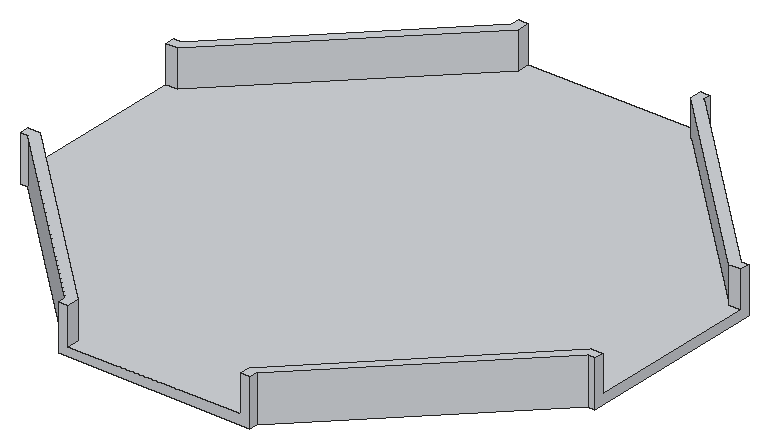
Revit family "Cable Tray Horizontal Cross", category Cable Tray Fittings, Revit 2016
Family settings
  Part Type = Channel Cross
  Round Connector Dimension = Use Diameter
  OmniClass Number = 23.80.30.17.17
  OmniClass Title = Cable Trays and Horizontal Racks
  Work Plane-Based = No
  Always vertical = Yes
  Cut with Voids When Loaded = No
  Shared = No
Parameters (values of type "Standard")
  Tray Width 3 [instance] = 50 mm
  Tray Width 1 [instance] = 50 mm
  Tray Length 2 [instance] = 50 mm
  Tray Length 1 [instance] = 2 mm  # constant formula
  Tray Height [instance] = 12 mm
  built-in parameter 1140111 [instance] = 2.5 mm
  Length 3 [instance] = Tray Width 1 + Tray Length 2 * 2  # 150 mm
  Length 4 [instance] = [built-in parameter 1140111] * tan(22.50°)  # 1.036 mm
  Length 1 [instance] = Tray Width 3 + Tray Length 2 * 2  # 150 mm
Reference planes
  plane 1 "Centre (Front/Back)": y = 0
  plane 2: z = 0
  plane 3 "Centre (Left/Right)": x = 0
  plane 4: x = -75
  plane 5: x = 75
  plane 6: y = -75
  plane 7: y = 25
  plane 8: y = -25
  plane 9: x = -25
  plane 10: x = 25
  plane 11: x = -73
  plane 12: x = 73
  plane 13: y = -73
  plane 14: z = -6
  plane 15: z = 6
  plane 16: z = -3.5
  plane 17: y = 22.5
  plane 18: y = -22.5
  plane 19: x = -22.5
  plane 20: x = 22.5
  plane 21: x = -71.964
  plane 22: x = 71.964
  plane 23: y = -71.964
  plane 24: y = 75
  plane 25: y = 73
  plane 26: y = 71.964
Forms (mm)
  Extrusion 1, solid, detail levels fine
    sketch origin (0, 0, 0) x (1, 0, 0) y (0, 1, 0)
      loop
        line (-73, -25) -> (-25, -73) -> (-25, -75) -> (25, -75) -> (25, -73) -> (73, -25) -> (75, -25) -> (75, 25) -> (73, 25) -> (25, 73) -> (25, 75) -> (-25, 75) -> (-25, 73) -> (-73, 25) -> (-75, 25) -> (-75, -25) -> (-73, -25)
    from -6 to -3.5
  Extrusion 2, solid, detail levels medium
    sketch origin (0, 0, 0) x (1, 0, 0) y (0, 1, 0)
      loop
        line (-73, -25) -> (-25, -73) -> (-25, -75) -> (25, -75) -> (25, -73) -> (73, -25) -> (75, -25) -> (75, 25) -> (73, 25) -> (25, 73) -> (25, 75) -> (-25, 75) -> (-25, 73) -> (-73, 25) -> (-75, 25) -> (-75, -25) -> (-73, -25)
    from -6 to 6
  Extrusion 3, solid, detail levels fine
    sketch origin (0, 0, 0) x (1, 0, 0) y (0, 1, 0)
      loop
        line (-71.964, -22.5) -> (-75, -22.5) -> (-75, -25) -> (-73, -25) -> (-25, -73) -> (-25, -75) -> (-22.5, -75) -> (-22.5, -71.964) -> (-71.964, -22.5)
      loop
        line (71.964, -22.5) -> (22.5, -71.964) -> (22.5, -75) -> (25, -75) -> (25, -73) -> (73, -25) -> (75, -25) -> (75, -22.5) -> (71.964, -22.5)
      loop
        line (-73, 25) -> (-75, 25) -> (-75, 22.5) -> (-71.964, 22.5) -> (-22.5, 71.964) -> (-22.5, 75) -> (-25, 75) -> (-25, 73) -> (-73, 25)
      loop
        line (25, 73) -> (25, 75) -> (22.5, 75) -> (22.5, 71.964) -> (71.964, 22.5) -> (75, 22.5) -> (75, 25) -> (73, 25) -> (25, 73)
    from -3.5 to 6
Cuts and joins
  joined: Extrusion 1, Extrusion 3
Lines and regions (mm)
  model lines, detail levels coarse
    curve 1: line (-75, 0, 0) -> (75, 0, 0)
    curve 2: line (0, 0, 0) -> (0, -75, 0)
    curve 3: line (0, 75, 0) -> (0, 0, 0)
Dimensions and locks
  equal spacing: plane 4, plane 3 "Centre (Left/Right)", plane 5
  "Length 1": plane 4 to plane 5
  equal spacing: plane 7, plane 1 "Centre (Front/Back)", plane 8
  "Tray Width 1": plane 7 to plane 8
  equal spacing: plane 9, plane 3 "Centre (Left/Right)", plane 10
  "Tray Width 3": plane 9 to plane 10
  "Tray Length 1": plane 4 to plane 11
  "Tray Length 1": plane 12 to plane 5
  "Tray Length 1": plane 13 to plane 6
  equal spacing: plane 15, plane 2, plane 14
  "Tray Height": plane 15 to plane 14
  "built-in parameter 1140111": plane 16 to plane 14
  "built-in parameter 1140111": plane 7 to plane 17
  "built-in parameter 1140111": plane 18 to plane 8
  "built-in parameter 1140111": plane 9 to plane 19
  "built-in parameter 1140111": plane 20 to plane 10
  "Length 4": plane 11 to plane 21
  "Length 4": plane 22 to plane 12
  "Length 4": plane 23 to plane 13
  equal spacing: plane 24, plane 1 "Centre (Front/Back)", plane 6
  "Length 3": plane 6 to plane 24
  "Tray Length 1": plane 25 to plane 24
  "Length 4": plane 26 to plane 25
  aligned and locked: plane 13 to Extrusion 1 sketch curve  (x2)
  aligned and locked: plane 9 to Extrusion 1 sketch curve  (x3)
  aligned and locked: plane 8 to Extrusion 1 sketch curve  (x2)
  aligned and locked: plane 11 to Extrusion 1 sketch curve  (x2)
  aligned and locked: plane 10 to Extrusion 1 sketch curve  (x3)
  aligned and locked: plane 12 to Extrusion 1 sketch curve  (x2)
  aligned and locked: plane 4 to Extrusion 1 sketch curve  (x2)
  aligned and locked: Extrusion 1 sketch curve to plane 8  (x2)
  aligned and locked: plane 7 to Extrusion 1 sketch curve  (x2)
  aligned and locked: plane 5 to Extrusion 1 sketch curve  (x2)
  aligned and locked: plane 6 to Extrusion 1 sketch curve  (x2)
  aligned and locked: Extrusion 1 to plane 14
  aligned and locked: plane 16 to Extrusion 1
  aligned and locked: plane 9 to Extrusion 2 sketch curve  (x3)
  aligned and locked: plane 8 to Extrusion 2 sketch curve  (x2)
  aligned and locked: plane 11 to Extrusion 2 sketch curve  (x2)
  aligned and locked: plane 13 to Extrusion 2 sketch curve  (x2)
  aligned and locked: plane 10 to Extrusion 2 sketch curve  (x3)
  aligned and locked: plane 12 to Extrusion 2 sketch curve  (x2)
  aligned and locked: plane 4 to Extrusion 2 sketch curve  (x2)
  aligned and locked: Extrusion 2 sketch curve to plane 8  (x2)
  aligned and locked: plane 7 to Extrusion 2 sketch curve  (x2)
  aligned and locked: plane 5 to Extrusion 2 sketch curve  (x2)
  aligned and locked: Extrusion 2 sketch curve to plane 6
  aligned and locked: plane 6 to Extrusion 2 sketch curve
  aligned and locked: Extrusion 2 to plane 14
  aligned and locked: plane 15 to Extrusion 2
  aligned and locked: plane 8 to Extrusion 3 sketch curve  (x2)
  aligned and locked: plane 18 to Extrusion 3 sketch curve  (x2)
  aligned and locked: plane 21 to Extrusion 3 sketch curve  (x2)
  aligned and locked: plane 13 to Extrusion 3 sketch curve  (x2)
  aligned and locked: plane 9 to Extrusion 3 sketch curve  (x3)
  aligned and locked: Extrusion 3 sketch curve to plane 18  (x2)
  aligned and locked: Extrusion 3 sketch curve to plane 4  (x2)
  aligned and locked: plane 11 to Extrusion 3 sketch curve  (x2)
  aligned and locked: plane 4 to Extrusion 3 sketch curve  (x2)
  aligned and locked: Extrusion 3 sketch curve to plane 8  (x2)
  aligned and locked: plane 23 to Extrusion 3 sketch curve  (x2)
  aligned and locked: plane 6 to Extrusion 3 sketch curve  (x2)
  aligned and locked: Extrusion 3 sketch curve to plane 19  (x2)
  aligned and locked: plane 19 to Extrusion 3 sketch curve  (x2)
  aligned and locked: Extrusion 3 sketch curve to plane 6  (x2)
  aligned and locked: plane 10 to Extrusion 3 sketch curve  (x3)
  aligned and locked: Extrusion 3 sketch curve to plane 5  (x2)
  aligned and locked: plane 22 to Extrusion 3 sketch curve  (x2)
  aligned and locked: plane 12 to Extrusion 3 sketch curve  (x2)
  aligned and locked: plane 5 to Extrusion 3 sketch curve  (x2)
  aligned and locked: plane 20 to Extrusion 3 sketch curve  (x2)
  aligned and locked: Extrusion 3 sketch curve to plane 20  (x2)
  aligned and locked: Extrusion 3 to plane 16
  aligned and locked: plane 15 to Extrusion 3
  aligned and locked: plane 4 to curve 1
  aligned and locked: plane 5 to curve 1
  aligned and locked: plane 1 "Centre (Front/Back)" to curve 1
  aligned and locked: plane 6 to curve 2
  aligned and locked: plane 1 "Centre (Front/Back)" to curve 2
  aligned and locked: curve 2 to plane 3 "Centre (Left/Right)"
  aligned and locked: Extrusion 2 sketch curve to plane 7  (x2)
  aligned and locked: plane 24 to Extrusion 2 sketch curve  (x2)
  aligned and locked: Extrusion 2 sketch curve to plane 9
  aligned and locked: Extrusion 2 sketch curve to plane 10
  aligned and locked: plane 25 to Extrusion 2 sketch curve  (x2)
  aligned and locked: plane 25 to Extrusion 1 sketch curve  (x2)
  aligned and locked: Extrusion 1 sketch curve to plane 7  (x2)
  aligned and locked: plane 24 to Extrusion 1 sketch curve  (x2)
  aligned and locked: Extrusion 1 sketch curve to plane 9
  aligned and locked: Extrusion 1 sketch curve to plane 10
  aligned and locked: plane 7 to Extrusion 3 sketch curve  (x2)
  aligned and locked: plane 17 to Extrusion 3 sketch curve  (x2)
  aligned and locked: Extrusion 3 sketch curve to plane 7  (x2)
  aligned and locked: Extrusion 3 sketch curve to plane 17  (x2)
  aligned and locked: plane 24 to Extrusion 3 sketch curve  (x4)
  aligned and locked: plane 25 to Extrusion 3 sketch curve  (x2)
  aligned and locked: Extrusion 3 sketch curve to plane 9
  aligned and locked: plane 26 to Extrusion 3 sketch curve  (x2)
  aligned and locked: Extrusion 3 sketch curve to plane 10
  aligned and locked: plane 24 to curve 3
  aligned and locked: curve 3 to plane 3 "Centre (Left/Right)"
Connectors
  cabletrayconduit at (-75, 0, 0), diameter 600, driven by "Tray Height", driven by "Tray Width 1"
    settings: on Extrusion 2, index 1, connector width 50 mm, connector height 12 mm, connector angle 0.00°, system type 32, placement type 0, profile type 1, connector reference index 2, is primary connector yes, connector utility param no, connector description ""
  cabletrayconduit at (75, 0, 0), diameter 600, driven by "Tray Height", driven by "Tray Width 1"
    settings: on Extrusion 2, index 2, connector width 50 mm, connector height 12 mm, connector angle 0.00°, system type 32, placement type 0, profile type 1, connector reference index 1, is primary connector no, connector utility param no, connector description ""
  cabletrayconduit at (0, -75, 0), diameter 600, driven by "Tray Height", driven by "Tray Width 3"
    settings: on Extrusion 2, index 3, connector width 50 mm, connector height 12 mm, connector angle 0.00°, system type 32, placement type 0, profile type 1, connector reference index 4, is primary connector no, connector utility param no, connector description ""
  cabletrayconduit at (0, 75, 0), diameter 600, driven by "Tray Height", driven by "Tray Width 3"
    settings: on Extrusion 2, index 4, connector width 50 mm, connector height 12 mm, connector angle 0.00°, system type 32, placement type 0, profile type 1, connector reference index 3, is primary connector no, connector utility param no, connector description ""
